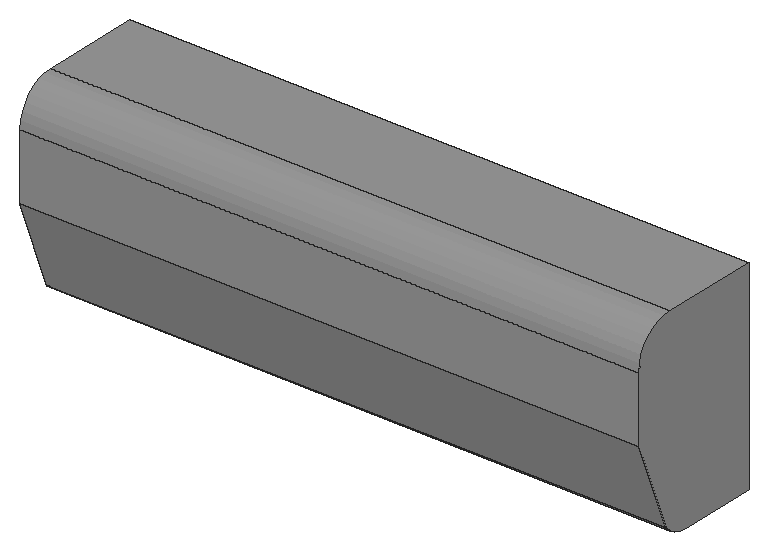
Revit family "Internal block_22_71_W", category Оборудование, Revit 2021
Family settings
  Размер круглого соединителя = Использовать диаметр
  Классификация = Нет
  Тип детали = Нормальный
  На основе рабочей плоскости = Нет
  Всегда вертикально = Да
  При загрузке вырезать с полостями = Нет
  Общий = Нет
  Точка принадлежности помещению = Нет
Parameters (values of type "BLHV-71-I-W-DC/1R1A")
  r1 = r * 5  # 300 mm
  r = 60 mm
  Width = 528 mm
  Weight = 11.50 kg
  Pressure_Static_Air [instance] = 0.0 Pa
  Power = 350 W
  Maximum Air Flow = 0.0 L/s
  Load Classification = "HVAC"
  Length = 1150 mm
  Height = 870 mm
  Отметка по умолчанию = 0 mm
  Изготовитель = "BLAUBERG"  # constant formula
  URL = ""
  Maintenance zone material = none
  Grid Material = Mesh, steel, painted,  white
  Casing Material = Plastic white
  C = 215 mm
  B = 320 mm
  Air Flow [instance] = 0.0 L/s
  A = 972 mm
  09_System_Name [instance] = ""
  00_20_Type = "BLHV-71-I-W-DC/1R1A"
  00_20_Name = "Internal block"  # constant formula
  00_20_Manufacturer = "BLAUBERG"  # constant formula
Types (7, lengths in mm): name | r1 | r | Weight | Power | C | B | A | 00_20_Type
  (no name) | 300 | 60 | 11.50 kg | 350 W | 215 | 320 | 972 | "BLHV-71-I-W-DC/1R1A"
  BLHV-22-I-W-DC/1R1A | 200 | 40 | 9.50 kg | 150 W | 200 | 300 | 864 | "BLHV-22-I-W-DC/1R1A"
  BLHV-45-I-W-DC/1R1A | 300 | 60 | 11.50 kg | 200 W | 215 | 320 | 972 | "BLHV-45-I-W-DC/1R1A"
  BLHV-28-I-W-DC/1R1 | 200 | 40 | 9.50 kg | 150 W | 200 | 300 | 864 | "BLHV-28-I-W-DC/1R1"
  BLHV-36-I-W-DC/1R1A | 200 | 40 | 9.50 kg | 180 W | 200 | 300 | 864 | "BLHV-36-I-W-DC/1R1A"
  BLHV-56-I-W-DC/1R1A | 300 | 60 | 11.50 kg | 230 W | 215 | 320 | 972 | "BLHV-56-I-W-DC/1R1A"
  BLHV-71-I-W-DC/1R1A | 300 | 60 | 11.50 kg | 350 W | 215 | 320 | 972 | "BLHV-71-I-W-DC/1R1A"
Reference planes
  plane 1 "По центру (Вперед/Назад)": y = 0
  plane 2: z = 0
  plane 3 "По центру (Влево/Вправо)": x = 0
  plane 4 "Width": y = -215
  plane 5 "height": z = 320
Forms (mm)
  Extrusion 1, solid, material "Plastic white" <- "Casing Material"
    sketch origin (0, 0, 0) x (0, 1, 0) y (0, 0, 1)
      loop
        line (0, 320) -> (-155, 320)
        arc (-155, 320) -> (-197.426, 302.426) -> (-215, 260) r 60
        line (-215, 260) -> (-215, 155.328) -> (-162.936, 17.761)
        arc (-162.936, 17.761) -> (-143.407, 4.618) -> (-120.324, 0) r 60
        line (-120.324, 0) -> (0, 0) -> (0, 320)
    from -486 to 486
Dimensions and locks
  "B": plane 5 "height" to level
  "C": plane 1 "По центру (Вперед/Назад)" to plane 4 "Width"
  equal spacing: Extrusion 1, plane 3 "По центру (Влево/Вправо)", Extrusion 1
  "A": Extrusion 1 to Extrusion 1
  "r": radius of Extrusion 1 sketch curve  (x2)
  aligned and locked: level to plane 2
  aligned and locked: plane 4 "Width" to Extrusion 1 sketch curve
  aligned and locked: Extrusion 1 sketch curve to plane 5 "height"
  aligned and locked: Extrusion 1 sketch curve to level
  aligned and locked: Extrusion 1 sketch curve to plane 1 "По центру (Вперед/Назад)"
Automatic sketch dimensions
  level to Extrusion 1 sketch curve = 17.761 mm
  Extrusion 1 sketch curve to plane 4 "Width" = 52.064 mm
  Extrusion 1 sketch curve to Extrusion 1 sketch curve = 104.672 mm
